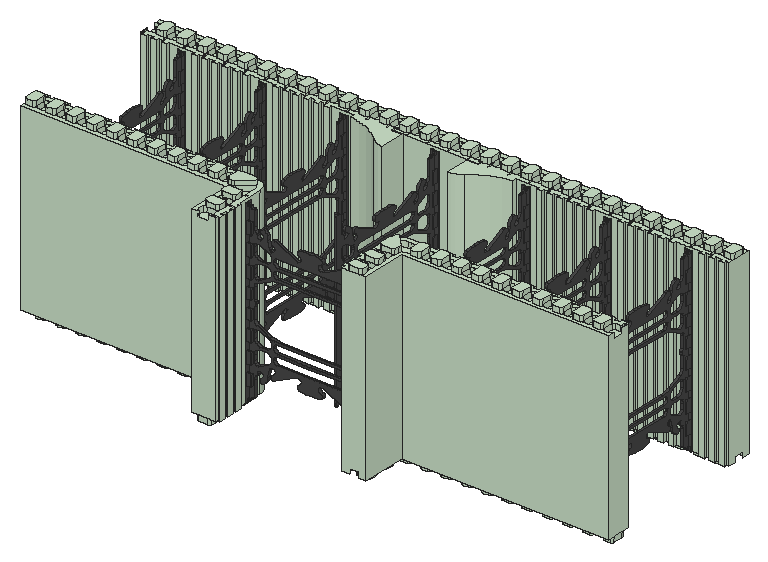
Revit family
Reference planes
  plane 1 "Center (Front/Back)": y = 0
  plane 2: z = 0
  plane 3 "Center (Left/Right)": x = 0
Forms (mm)
  Extrusion 1, solid, material "NUDURA Expanded Polystyrene Foam Insulation"
    sketch origin (0.032, -0.022, 0) x (1, 0, 0) y (0, 1, 0)
      loop
        arc (-82.55, -266.7) -> (-91.849, -244.249) -> (-114.3, -234.95) r 31.75
        line (-114.3, -234.95) -> (-184.942, -234.95) -> (-183.358, -228.6) -> (-197.642, -228.6) -> (-196.058, -234.95) -> (-210.342, -234.95) -> (-208.758, -228.6) -> (-223.042, -228.6) -> (-221.458, -234.95) -> (-235.742, -234.95) -> (-234.158, -228.6) -> (-248.442, -228.6) -> (-246.858, -234.95) -> (-261.142, -234.95) -> (-259.558, -228.6) -> (-273.842, -228.6) -> (-272.258, -234.95) -> (-286.558, -234.95) -> (-284.974, -228.6) -> (-299.258, -228.6) -> (-297.674, -234.95) -> (-311.958, -234.95) -> (-310.374, -228.6) -> (-324.658, -228.6) -> (-323.074, -234.95) -> (-388.141, -234.95) -> (-386.558, -228.6) -> (-400.841, -228.6) -> (-399.258, -234.95) -> (-413.541, -234.95) -> (-411.958, -228.6) -> (-426.241, -228.6) -> (-424.658, -234.95) -> (-438.941, -234.95) -> (-437.358, -228.6) -> (-451.641, -228.6) -> (-450.058, -234.95) -> (-464.358, -234.95) -> (-462.774, -228.6) -> (-477.058, -228.6) -> (-475.474, -234.95) -> (-489.758, -234.95) -> (-488.174, -228.6) -> (-502.458, -228.6) -> (-500.874, -234.95) -> (-515.158, -234.95) -> (-513.574, -228.6) -> (-527.858, -228.6) -> (-526.274, -234.95) -> (-591.341, -234.95) -> (-589.758, -228.6) -> (-604.041, -228.6) -> (-602.458, -234.95) -> (-616.741, -234.95) -> (-615.158, -228.6) -> (-629.441, -228.6) -> (-627.858, -234.95) -> (-642.141, -234.95) -> (-640.558, -228.6) -> (-654.841, -228.6) -> (-653.258, -234.95) -> (-660.4, -234.95) -> (-660.4, -295.21) -> (-142.875, -295.21) -> (-142.875, -406.335) -> (-82.55, -406.335) -> (-82.55, -399.258) -> (-76.2, -400.841) -> (-76.2, -386.558) -> (-82.55, -388.141) -> (-82.55, -373.858) -> (-76.2, -375.441) -> (-76.2, -361.158) -> (-82.55, -362.741) -> (-82.55, -348.458) -> (-76.2, -350.041) -> (-76.2, -335.758) -> (-82.55, -337.341) -> (-82.55, -266.7)
      loop
        line (279.4, 73.025) -> (279.4, 82.55) -> (337.342, 82.55) -> (335.758, 76.2) -> (350.042, 76.2) -> (348.458, 82.55) -> (362.742, 82.55) -> (361.158, 76.2) -> (375.442, 76.2) -> (373.858, 82.55) -> (388.142, 82.55) -> (386.558, 76.2) -> (400.842, 76.2) -> (399.258, 82.55) -> (413.526, 82.55) -> (411.942, 76.2) -> (426.226, 76.2) -> (424.642, 82.55) -> (438.926, 82.55) -> (437.342, 76.2) -> (451.626, 76.2) -> (450.042, 82.55) -> (464.326, 82.55) -> (462.742, 76.2) -> (477.026, 76.2) -> (475.442, 82.55) -> (540.541, 82.55) -> (538.958, 76.2) -> (553.241, 76.2) -> (551.658, 82.55) -> (565.941, 82.55) -> (564.358, 76.2) -> (578.641, 76.2) -> (577.058, 82.55) -> (591.341, 82.55) -> (589.758, 76.2) -> (604.041, 76.2) -> (602.458, 82.55) -> (616.725, 82.55) -> (615.142, 76.2) -> (629.425, 76.2) -> (627.842, 82.55) -> (642.125, 82.55) -> (640.542, 76.2) -> (654.825, 76.2) -> (653.242, 82.55) -> (667.525, 82.55) -> (665.942, 76.2) -> (680.225, 76.2) -> (678.642, 82.55) -> (743.741, 82.55) -> (742.158, 76.2) -> (756.441, 76.2) -> (754.858, 82.55) -> (769.141, 82.55) -> (767.558, 76.2) -> (781.841, 76.2) -> (780.258, 82.55) -> (794.541, 82.55) -> (792.958, 76.2) -> (807.241, 76.2) -> (805.658, 82.55) -> (812.8, 82.55) -> (812.8, 142.939) -> (184.15, 142.939) -> (184.15, 131.479) -> (177.8, 133.18) -> (177.8, 117.763) -> (184.15, 119.346) -> (184.15, 106.079) -> (177.8, 107.78) -> (177.8, 92.363) -> (184.15, 93.946) -> (184.15, 82.55) -> (157.958, 82.55) -> (157.958, 19.091)
        arc (157.958, 19.091) -> (175.589, 23.014) -> (190.733, 32.857) r 50.8
        arc (190.733, 32.857) -> (231.725, 60.317) -> (279.4, 73.025) r 150.316
      loop
        line (-5.558, 19.091) -> (-5.558, 82.55) -> (-31.75, 82.55) -> (-31.75, 93.946) -> (-25.4, 92.363) -> (-25.4, 107.78) -> (-31.75, 106.079) -> (-31.75, 119.346) -> (-25.4, 117.763) -> (-25.4, 133.18) -> (-31.75, 131.479) -> (-31.75, 142.939) -> (-660.4, 142.939) -> (-660.4, 82.55) -> (-653.258, 82.55) -> (-654.841, 76.2) -> (-640.558, 76.2) -> (-642.141, 82.55) -> (-627.858, 82.55) -> (-629.441, 76.2) -> (-615.158, 76.2) -> (-616.741, 82.55) -> (-602.458, 82.55) -> (-604.041, 76.2) -> (-589.758, 76.2) -> (-591.341, 82.55) -> (-526.242, 82.55) -> (-527.825, 76.2) -> (-513.542, 76.2) -> (-515.125, 82.55) -> (-500.842, 82.55) -> (-502.425, 76.2) -> (-488.142, 76.2) -> (-489.725, 82.55) -> (-475.442, 82.55) -> (-477.025, 76.2) -> (-462.742, 76.2) -> (-464.325, 82.55) -> (-450.058, 82.55) -> (-451.641, 76.2) -> (-437.358, 76.2) -> (-438.941, 82.55) -> (-424.658, 82.55) -> (-426.241, 76.2) -> (-411.958, 76.2) -> (-413.541, 82.55) -> (-399.258, 82.55) -> (-400.841, 76.2) -> (-386.558, 76.2) -> (-388.141, 82.55) -> (-323.042, 82.55) -> (-324.626, 76.2) -> (-310.342, 76.2) -> (-311.926, 82.55) -> (-297.642, 82.55) -> (-299.226, 76.2) -> (-284.942, 76.2) -> (-286.526, 82.55) -> (-272.242, 82.55) -> (-273.826, 76.2) -> (-259.542, 76.2) -> (-261.126, 82.55) -> (-246.858, 82.55) -> (-248.442, 76.2) -> (-234.158, 76.2) -> (-235.742, 82.55) -> (-221.458, 82.55) -> (-223.042, 76.2) -> (-208.758, 76.2) -> (-210.342, 82.55) -> (-196.058, 82.55) -> (-197.642, 76.2) -> (-183.358, 76.2) -> (-184.942, 82.55) -> (-127, 82.55) -> (-127, 73.025)
        arc (-127, 73.025) -> (-79.325, 60.317) -> (-38.333, 32.857) r 150.316
        arc (-38.333, 32.857) -> (-23.189, 23.014) -> (-5.558, 19.091) r 50.8
      loop
        line (234.95, -266.7) -> (234.95, -337.341) -> (228.6, -335.758) -> (228.6, -350.041) -> (234.95, -348.458) -> (234.95, -362.741) -> (228.6, -361.158) -> (228.6, -375.441) -> (234.95, -373.858) -> (234.95, -388.141) -> (228.6, -386.558) -> (228.6, -400.841) -> (234.95, -399.258) -> (234.95, -406.4) -> (295.275, -406.4) -> (295.275, -295.21) -> (812.8, -295.21) -> (812.8, -234.95) -> (805.658, -234.95) -> (807.241, -228.6) -> (792.958, -228.6) -> (794.541, -234.95) -> (780.258, -234.95) -> (781.841, -228.6) -> (767.558, -228.6) -> (769.141, -234.95) -> (754.858, -234.95) -> (756.441, -228.6) -> (742.158, -228.6) -> (743.741, -234.95) -> (678.674, -234.95) -> (680.258, -228.6) -> (665.974, -228.6) -> (667.558, -234.95) -> (653.274, -234.95) -> (654.858, -228.6) -> (640.574, -228.6) -> (642.158, -234.95) -> (627.874, -234.95) -> (629.458, -228.6) -> (615.174, -228.6) -> (616.758, -234.95) -> (602.458, -234.95) -> (604.041, -228.6) -> (589.758, -228.6) -> (591.341, -234.95) -> (577.058, -234.95) -> (578.641, -228.6) -> (564.358, -228.6) -> (565.941, -234.95) -> (551.658, -234.95) -> (553.241, -228.6) -> (538.958, -228.6) -> (540.541, -234.95) -> (475.474, -234.95) -> (477.058, -228.6) -> (462.774, -228.6) -> (464.358, -234.95) -> (450.074, -234.95) -> (451.658, -228.6) -> (437.374, -228.6) -> (438.958, -234.95) -> (424.674, -234.95) -> (426.258, -228.6) -> (411.974, -228.6) -> (413.558, -234.95) -> (399.258, -234.95) -> (400.842, -228.6) -> (386.558, -228.6) -> (388.142, -234.95) -> (373.858, -234.95) -> (375.442, -228.6) -> (361.158, -228.6) -> (362.742, -234.95) -> (348.458, -234.95) -> (350.042, -228.6) -> (335.758, -228.6) -> (337.342, -234.95) -> (266.7, -234.95)
        arc (266.7, -234.95) -> (244.249, -244.249) -> (234.95, -266.7) r 31.75
    from 0 to 457.2
  Extrusion 2, void
    sketch origin (0.032, 253.978, 0) x (1, 0, 0) y (0, 1, 0)
      loop
        arc (-130.453, -639.396) -> (-131.763, -647.7) -> (-130.453, -656.003) r 26.987
        arc (-130.453, -656.003) -> (-128.504, -658.905) -> (-125.314, -660.335) r 6.35
        line (-125.314, -660.335) -> (-100.111, -660.335)
        arc (-100.111, -660.335) -> (-98.281, -659.781) -> (-96.698, -658.708) r 6.35
        arc (-96.698, -658.708) -> (-96.199, -658.394) -> (-95.62, -658.285) r 1.588
        line (-95.62, -658.285) -> (-86.829, -658.285) -> (-86.829, -653.946) -> (-92.457, -653.946)
        arc (-92.457, -653.946) -> (-93.668, -653.385) -> (-94.024, -652.1) r 1.588
        arc (-94.024, -652.1) -> (-93.737, -645.691) -> (-94.972, -639.396) r 26.988
        arc (-94.972, -639.396) -> (-97.278, -636.215) -> (-101.014, -635) r 6.35
        line (-101.014, -635) -> (-124.411, -635)
        arc (-124.411, -635) -> (-128.147, -636.215) -> (-130.453, -639.396) r 6.35
    from 457.2 to 444.5
  Extrusion 3, void
    sketch origin (0.032, 304.778, 0) x (1, 0, 0) y (0, 1, 0)
      loop
        arc (-130.453, -639.396) -> (-131.763, -647.7) -> (-130.453, -656.003) r 26.987
        arc (-130.453, -656.003) -> (-128.147, -659.184) -> (-124.411, -660.4) r 6.35
        line (-124.411, -660.4) -> (-101.014, -660.4)
        arc (-101.014, -660.4) -> (-98.696, -659.961) -> (-96.698, -658.708) r 6.35
        arc (-96.698, -658.708) -> (-96.199, -658.394) -> (-95.62, -658.285) r 1.588
        line (-95.62, -658.285) -> (-86.829, -658.285) -> (-86.829, -653.946) -> (-92.457, -653.946)
        arc (-92.457, -653.946) -> (-93.668, -653.385) -> (-94.024, -652.1) r 1.588
        arc (-94.024, -652.1) -> (-93.737, -645.691) -> (-94.972, -639.396) r 26.988
        arc (-94.972, -639.396) -> (-97.278, -636.215) -> (-101.014, -635) r 6.35
        line (-101.014, -635) -> (-124.411, -635)
        arc (-124.411, -635) -> (-128.147, -636.215) -> (-130.453, -639.396) r 6.35
    from 457.2 to 444.5
  Extrusion 4, void
    sketch origin (0.032, -152.422, 0) x (1, 0, 0) y (0, 1, 0)
      loop
        line (-131.763, -131.762) -> (-131.763, -139.7)
        arc (-131.763, -139.7) -> (-131.433, -143.903) -> (-130.453, -148.003) r 26.987
        arc (-130.453, -148.003) -> (-128.147, -151.184) -> (-124.411, -152.4) r 6.35
        line (-124.411, -152.4) -> (-101.014, -152.4)
        arc (-101.014, -152.4) -> (-98.696, -151.961) -> (-96.698, -150.708) r 6.35
        arc (-96.698, -150.708) -> (-96.199, -150.394) -> (-95.62, -150.285) r 1.588
        line (-95.62, -150.285) -> (-86.829, -150.285) -> (-86.829, -145.946) -> (-92.457, -145.946)
        arc (-92.457, -145.946) -> (-93.668, -145.385) -> (-94.024, -144.1) r 1.588
        arc (-94.024, -144.1) -> (-93.753, -141.907) -> (-93.663, -139.7) r 26.987
        line (-93.663, -139.7) -> (-93.663, -119.062)
        arc (-93.663, -119.062) -> (-95.596, -109.342) -> (-101.102, -101.102) r 25.4
        line (-101.102, -101.102) -> (-131.763, -131.762)
    from 457.2 to 444.5
  Extrusion 5, void
    sketch origin (-812.768, -152.422, 0) x (0, 1, 0) y (-1, 0, 0)
      loop
        arc (-130.453, -639.396) -> (-131.763, -647.7) -> (-130.453, -656.003) r 26.987
        arc (-130.453, -656.003) -> (-128.147, -659.184) -> (-124.411, -660.4) r 6.35
        line (-124.411, -660.4) -> (-101.014, -660.4)
        arc (-101.014, -660.4) -> (-98.696, -659.961) -> (-96.698, -658.708) r 6.35
        arc (-96.698, -658.708) -> (-96.199, -658.394) -> (-95.62, -658.285) r 1.588
        line (-95.62, -658.285) -> (-86.829, -658.285) -> (-86.829, -653.946) -> (-92.457, -653.946)
        arc (-92.457, -653.946) -> (-93.668, -653.385) -> (-94.024, -652.1) r 1.588
        arc (-94.024, -652.1) -> (-93.737, -645.691) -> (-94.972, -639.396) r 26.988
        arc (-94.972, -639.396) -> (-97.278, -636.215) -> (-101.014, -635) r 6.35
        line (-101.014, -635) -> (-124.411, -635)
        arc (-124.411, -635) -> (-128.147, -636.215) -> (-130.453, -639.396) r 6.35
    from 457.2 to 444.5
  Extrusion 6, void
    sketch origin (-863.568, -152.422, 0) x (0, 1, 0) y (-1, 0, 0)
      loop
        arc (-130.453, -639.396) -> (-131.763, -647.7) -> (-130.453, -656.003) r 26.987
        arc (-130.453, -656.003) -> (-128.147, -659.184) -> (-124.411, -660.4) r 6.35
        line (-124.411, -660.4) -> (-101.014, -660.4)
        arc (-101.014, -660.4) -> (-98.696, -659.961) -> (-96.698, -658.708) r 6.35
        arc (-96.698, -658.708) -> (-96.199, -658.394) -> (-95.62, -658.285) r 1.588
        line (-95.62, -658.285) -> (-86.829, -658.285) -> (-86.829, -653.946) -> (-92.457, -653.946)
        arc (-92.457, -653.946) -> (-93.668, -653.385) -> (-94.024, -652.1) r 1.588
        arc (-94.024, -652.1) -> (-93.737, -645.691) -> (-94.972, -639.396) r 26.988
        arc (-94.972, -639.396) -> (-97.278, -636.215) -> (-101.014, -635) r 6.35
        line (-101.014, -635) -> (-124.411, -635)
        arc (-124.411, -635) -> (-128.147, -636.215) -> (-130.453, -639.396) r 6.35
    from 457.2 to 444.5
  Extrusion 7, void
    sketch origin (0.032, -1016.021, 0) x (1, 0, 0) y (0, 1, 0)
      loop
        arc (-130.453, 639.396) -> (-128.147, 636.215) -> (-124.411, 635) r 6.35
        line (-124.411, 635) -> (-101.014, 635)
        arc (-101.014, 635) -> (-97.278, 636.215) -> (-94.972, 639.396) r 6.35
        arc (-94.972, 639.396) -> (-93.737, 645.691) -> (-94.024, 652.1) r 26.988
        arc (-94.024, 652.1) -> (-93.668, 653.385) -> (-92.457, 653.946) r 1.588
        line (-92.457, 653.946) -> (-86.829, 653.946) -> (-86.829, 658.285) -> (-95.62, 658.285)
        arc (-95.62, 658.285) -> (-96.199, 658.394) -> (-96.698, 658.708) r 1.588
        arc (-96.698, 658.708) -> (-98.696, 659.961) -> (-101.014, 660.4) r 6.35
        line (-101.014, 660.4) -> (-124.411, 660.4)
        arc (-124.411, 660.4) -> (-128.147, 659.184) -> (-130.453, 656.003) r 6.35
        arc (-130.453, 656.003) -> (-131.763, 647.7) -> (-130.453, 639.396) r 26.987
    from 0 to 12.7
  Extrusion 8, void
    sketch origin (0.032, -965.221, 0) x (1, 0, 0) y (0, 1, 0)
      loop
        arc (-130.453, 639.396) -> (-128.147, 636.215) -> (-124.411, 635) r 6.35
        line (-124.411, 635) -> (-101.014, 635)
        arc (-101.014, 635) -> (-97.278, 636.215) -> (-94.972, 639.396) r 6.35
        arc (-94.972, 639.396) -> (-93.737, 645.691) -> (-94.024, 652.1) r 26.988
        arc (-94.024, 652.1) -> (-93.668, 653.385) -> (-92.457, 653.946) r 1.588
        line (-92.457, 653.946) -> (-86.829, 653.946) -> (-86.829, 658.285) -> (-95.62, 658.285)
        arc (-95.62, 658.285) -> (-96.199, 658.394) -> (-96.698, 658.708) r 1.588
        arc (-96.698, 658.708) -> (-98.696, 659.961) -> (-101.014, 660.4) r 6.35
        line (-101.014, 660.4) -> (-124.411, 660.4)
        arc (-124.411, 660.4) -> (-128.147, 659.184) -> (-130.453, 656.003) r 6.35
        arc (-130.453, 656.003) -> (-131.763, 647.7) -> (-130.453, 639.396) r 26.987
    from 0 to 12.7
  Extrusion 9, void
    sketch origin (0.031, -152.422, 0) x (0, 1, 0) y (-1, 0, 0)
      loop
        line (-131.763, 131.762) -> (-101.102, 101.102)
        arc (-101.102, 101.102) -> (-95.596, 109.342) -> (-93.663, 119.062) r 25.4
        line (-93.663, 119.062) -> (-93.663, 139.7)
        arc (-93.663, 139.7) -> (-93.753, 141.907) -> (-94.024, 144.1) r 26.987
        arc (-94.024, 144.1) -> (-93.668, 145.385) -> (-92.457, 145.946) r 1.588
        line (-92.457, 145.946) -> (-86.829, 145.946) -> (-86.829, 150.285) -> (-95.62, 150.285)
        arc (-95.62, 150.285) -> (-96.199, 150.394) -> (-96.698, 150.708) r 1.588
        arc (-96.698, 150.708) -> (-98.696, 151.961) -> (-101.014, 152.4) r 6.35
        line (-101.014, 152.4) -> (-124.411, 152.4)
        arc (-124.411, 152.4) -> (-128.147, 151.184) -> (-130.453, 148.003) r 6.35
        arc (-130.453, 148.003) -> (-131.433, 143.903) -> (-131.763, 139.7) r 26.987
        line (-131.763, 139.7) -> (-131.763, 131.762)
    from 0 to 12.7
  Extrusion 10, void
    sketch origin (457.231, -152.422, 0) x (0, 1, 0) y (-1, 0, 0)
      loop
        arc (-130.453, 639.396) -> (-128.147, 636.215) -> (-124.411, 635) r 6.35
        line (-124.411, 635) -> (-101.014, 635)
        arc (-101.014, 635) -> (-97.278, 636.215) -> (-94.972, 639.396) r 6.35
        arc (-94.972, 639.396) -> (-93.737, 645.691) -> (-94.024, 652.1) r 26.988
        arc (-94.024, 652.1) -> (-93.668, 653.385) -> (-92.457, 653.946) r 1.588
        line (-92.457, 653.946) -> (-86.829, 653.946) -> (-86.829, 658.285) -> (-95.62, 658.285)
        arc (-95.62, 658.285) -> (-96.199, 658.394) -> (-96.698, 658.708) r 1.588
        arc (-96.698, 658.708) -> (-98.696, 659.961) -> (-101.014, 660.4) r 6.35
        line (-101.014, 660.4) -> (-124.411, 660.4)
        arc (-124.411, 660.4) -> (-128.147, 659.184) -> (-130.453, 656.003) r 6.35
        arc (-130.453, 656.003) -> (-131.763, 647.7) -> (-130.453, 639.396) r 26.987
    from 0 to 12.7
  Extrusion 11, void
    sketch origin (406.431, -152.422, 0) x (0, 1, 0) y (-1, 0, 0)
      loop
        arc (-130.453, 639.396) -> (-128.147, 636.215) -> (-124.411, 635) r 6.35
        line (-124.411, 635) -> (-101.014, 635)
        arc (-101.014, 635) -> (-97.278, 636.215) -> (-94.972, 639.396) r 6.35
        arc (-94.972, 639.396) -> (-93.737, 645.691) -> (-94.024, 652.1) r 26.988
        arc (-94.024, 652.1) -> (-93.668, 653.385) -> (-92.457, 653.946) r 1.588
        line (-92.457, 653.946) -> (-86.829, 653.946) -> (-86.829, 658.285) -> (-95.62, 658.285)
        arc (-95.62, 658.285) -> (-96.199, 658.394) -> (-96.698, 658.708) r 1.588
        arc (-96.698, 658.708) -> (-98.696, 659.961) -> (-101.014, 660.4) r 6.35
        line (-101.014, 660.4) -> (-124.411, 660.4)
        arc (-124.411, 660.4) -> (-128.147, 659.184) -> (-130.453, 656.003) r 6.35
        arc (-130.453, 656.003) -> (-131.763, 647.7) -> (-130.453, 639.396) r 26.987
    from 0 to 12.7
  Extrusion 12, void
    sketch origin (152.432, -1016.021, 0) x (-1, 0, 0) y (0, -1, 0)
      loop
        arc (-130.453, -639.396) -> (-131.763, -647.7) -> (-130.453, -656.003) r 26.987
        arc (-130.453, -656.003) -> (-128.147, -659.184) -> (-124.411, -660.4) r 6.35
        line (-124.411, -660.4) -> (-101.014, -660.4)
        arc (-101.014, -660.4) -> (-98.696, -659.961) -> (-96.698, -658.708) r 6.35
        arc (-96.698, -658.708) -> (-96.199, -658.394) -> (-95.62, -658.285) r 1.588
        line (-95.62, -658.285) -> (-86.829, -658.285) -> (-86.829, -653.946) -> (-92.457, -653.946)
        arc (-92.457, -653.946) -> (-93.668, -653.385) -> (-94.024, -652.1) r 1.588
        arc (-94.024, -652.1) -> (-93.737, -645.691) -> (-94.972, -639.396) r 26.988
        arc (-94.972, -639.396) -> (-97.278, -636.215) -> (-101.014, -635) r 6.35
        line (-101.014, -635) -> (-124.411, -635)
        arc (-124.411, -635) -> (-128.147, -636.215) -> (-130.453, -639.396) r 6.35
    from 457.2 to 444.5
  Extrusion 13, void
    sketch origin (152.432, -965.221, 0) x (-1, 0, 0) y (0, -1, 0)
      loop
        arc (-130.453, -639.396) -> (-131.763, -647.7) -> (-130.453, -656.003) r 26.987
        arc (-130.453, -656.003) -> (-128.147, -659.184) -> (-124.411, -660.4) r 6.35
        line (-124.411, -660.4) -> (-101.014, -660.4)
        arc (-101.014, -660.4) -> (-98.696, -659.961) -> (-96.698, -658.708) r 6.35
        arc (-96.698, -658.708) -> (-96.199, -658.394) -> (-95.62, -658.285) r 1.588
        line (-95.62, -658.285) -> (-86.829, -658.285) -> (-86.829, -653.946) -> (-92.457, -653.946)
        arc (-92.457, -653.946) -> (-93.668, -653.385) -> (-94.024, -652.1) r 1.588
        arc (-94.024, -652.1) -> (-93.737, -645.691) -> (-94.972, -639.396) r 26.988
        arc (-94.972, -639.396) -> (-97.278, -636.215) -> (-101.014, -635) r 6.35
        line (-101.014, -635) -> (-124.411, -635)
        arc (-124.411, -635) -> (-128.147, -636.215) -> (-130.453, -639.396) r 6.35
    from 457.2 to 444.5
  Extrusion 14, void
    sketch origin (-304.768, -152.422, 0) x (0, 1, 0) y (-1, 0, 0)
      loop
        arc (-130.453, -639.396) -> (-131.763, -647.7) -> (-130.453, -656.003) r 26.987
        arc (-130.453, -656.003) -> (-128.147, -659.184) -> (-124.411, -660.4) r 6.35
        line (-124.411, -660.4) -> (-101.014, -660.4)
        arc (-101.014, -660.4) -> (-98.696, -659.961) -> (-96.698, -658.708) r 6.35
        arc (-96.698, -658.708) -> (-96.199, -658.394) -> (-95.62, -658.285) r 1.588
        line (-95.62, -658.285) -> (-86.829, -658.285) -> (-86.829, -653.946) -> (-92.457, -653.946)
        arc (-92.457, -653.946) -> (-93.668, -653.385) -> (-94.024, -652.1) r 1.588
        arc (-94.024, -652.1) -> (-93.737, -645.691) -> (-94.972, -639.396) r 26.988
        arc (-94.972, -639.396) -> (-97.278, -636.215) -> (-101.014, -635) r 6.35
        line (-101.014, -635) -> (-124.411, -635)
        arc (-124.411, -635) -> (-128.147, -636.215) -> (-130.453, -639.396) r 6.35
    from 457.2 to 444.5
  Extrusion 15, void
    sketch origin (-253.968, -152.422, 0) x (0, 1, 0) y (-1, 0, 0)
      loop
        arc (-130.453, -639.396) -> (-131.763, -647.7) -> (-130.453, -656.003) r 26.987
        arc (-130.453, -656.003) -> (-128.147, -659.184) -> (-124.411, -660.4) r 6.35
        line (-124.411, -660.4) -> (-101.014, -660.4)
        arc (-101.014, -660.4) -> (-98.696, -659.961) -> (-96.698, -658.708) r 6.35
        arc (-96.698, -658.708) -> (-96.199, -658.394) -> (-95.62, -658.285) r 1.588
        line (-95.62, -658.285) -> (-86.829, -658.285) -> (-86.829, -653.946) -> (-92.457, -653.946)
        arc (-92.457, -653.946) -> (-93.668, -653.385) -> (-94.024, -652.1) r 1.588
        arc (-94.024, -652.1) -> (-93.737, -645.691) -> (-94.972, -639.396) r 26.988
        arc (-94.972, -639.396) -> (-97.278, -636.215) -> (-101.014, -635) r 6.35
        line (-101.014, -635) -> (-124.411, -635)
        arc (-124.411, -635) -> (-128.147, -636.215) -> (-130.453, -639.396) r 6.35
    from 457.2 to 444.5
  Extrusion 16, void
    sketch origin (152.432, -152.422, 0) x (1, 0, 0) y (0, 1, 0)
      loop
        arc (144.1, -94.023) -> (141.907, -93.752) -> (139.7, -93.662) r 26.987
        line (139.7, -93.662) -> (119.063, -93.662)
        arc (119.063, -93.662) -> (109.342, -95.595) -> (101.102, -101.102) r 25.4
        line (101.102, -101.102) -> (131.763, -131.762) -> (139.7, -131.762)
        arc (139.7, -131.762) -> (143.903, -131.433) -> (148.004, -130.453) r 26.988
        arc (148.004, -130.453) -> (151.185, -128.147) -> (152.4, -124.411) r 6.35
        line (152.4, -124.411) -> (152.4, -101.013)
        arc (152.4, -101.013) -> (151.962, -98.696) -> (150.708, -96.698) r 6.35
        arc (150.708, -96.698) -> (150.395, -96.198) -> (150.285, -95.619) r 1.587
        line (150.285, -95.619) -> (150.285, -86.828) -> (145.946, -86.828) -> (145.946, -92.457)
        arc (145.946, -92.457) -> (145.386, -93.667) -> (144.1, -94.023) r 1.588
    from 457.2 to 444.5
  Extrusion 17, void
    sketch origin (152.432, 253.978, 0) x (-1, 0, 0) y (0, -1, 0)
      loop
        arc (-130.453, 639.396) -> (-128.147, 636.215) -> (-124.411, 635) r 6.35
        line (-124.411, 635) -> (-101.014, 635)
        arc (-101.014, 635) -> (-97.278, 636.215) -> (-94.972, 639.396) r 6.35
        arc (-94.972, 639.396) -> (-93.737, 645.691) -> (-94.024, 652.1) r 26.988
        arc (-94.024, 652.1) -> (-93.668, 653.385) -> (-92.457, 653.946) r 1.588
        line (-92.457, 653.946) -> (-86.829, 653.946) -> (-86.829, 658.285) -> (-95.62, 658.285)
        arc (-95.62, 658.285) -> (-96.199, 658.394) -> (-96.698, 658.708) r 1.588
        arc (-96.698, 658.708) -> (-98.696, 659.961) -> (-101.014, 660.4) r 6.35
        line (-101.014, 660.4) -> (-124.411, 660.4)
        arc (-124.411, 660.4) -> (-128.147, 659.184) -> (-130.453, 656.003) r 6.35
        arc (-130.453, 656.003) -> (-131.763, 647.7) -> (-130.453, 639.396) r 26.987
    from 0 to 12.7
  Extrusion 18, void
    sketch origin (152.432, 304.778, 0) x (-1, 0, 0) y (0, -1, 0)
      loop
        arc (-130.453, 639.396) -> (-128.147, 636.215) -> (-124.411, 635) r 6.35
        line (-124.411, 635) -> (-101.014, 635)
        arc (-101.014, 635) -> (-97.278, 636.215) -> (-94.972, 639.396) r 6.35
        arc (-94.972, 639.396) -> (-93.737, 645.691) -> (-94.024, 652.1) r 26.988
        arc (-94.024, 652.1) -> (-93.668, 653.385) -> (-92.457, 653.946) r 1.588
        line (-92.457, 653.946) -> (-86.829, 653.946) -> (-86.829, 658.285) -> (-95.62, 658.285)
        arc (-95.62, 658.285) -> (-96.199, 658.394) -> (-96.698, 658.708) r 1.588
        arc (-96.698, 658.708) -> (-98.696, 659.961) -> (-101.014, 660.4) r 6.35
        line (-101.014, 660.4) -> (-124.411, 660.4)
        arc (-124.411, 660.4) -> (-128.147, 659.184) -> (-130.453, 656.003) r 6.35
        arc (-130.453, 656.003) -> (-131.763, 647.7) -> (-130.453, 639.396) r 26.987
    from 0 to 12.7
  Extrusion 19, void
    sketch origin (152.432, -152.422, 0) x (0, -1, 0) y (1, 0, 0)
      loop
        arc (144.1, 94.023) -> (145.386, 93.667) -> (145.946, 92.457) r 1.588
        line (145.946, 92.457) -> (145.946, 86.828) -> (150.285, 86.828) -> (150.285, 95.619)
        arc (150.285, 95.619) -> (150.395, 96.198) -> (150.708, 96.698) r 1.587
        arc (150.708, 96.698) -> (151.962, 98.696) -> (152.4, 101.013) r 6.35
        line (152.4, 101.013) -> (152.4, 124.411)
        arc (152.4, 124.411) -> (151.185, 128.147) -> (148.004, 130.453) r 6.35
        arc (148.004, 130.453) -> (143.903, 131.433) -> (139.7, 131.762) r 26.988
        line (139.7, 131.762) -> (131.763, 131.762) -> (101.102, 101.102)
        arc (101.102, 101.102) -> (109.342, 95.595) -> (119.063, 93.662) r 25.4
        line (119.063, 93.662) -> (139.7, 93.662)
        arc (139.7, 93.662) -> (141.907, 93.752) -> (144.1, 94.023) r 26.987
    from 0 to 12.7
  Extrusion 20, void
    sketch origin (965.231, -152.422, 0) x (0, 1, 0) y (-1, 0, 0)
      loop
        arc (-130.453, 639.396) -> (-128.147, 636.215) -> (-124.411, 635) r 6.35
        line (-124.411, 635) -> (-101.014, 635)
        arc (-101.014, 635) -> (-97.278, 636.215) -> (-94.972, 639.396) r 6.35
        arc (-94.972, 639.396) -> (-93.737, 645.691) -> (-94.024, 652.1) r 26.988
        arc (-94.024, 652.1) -> (-93.668, 653.385) -> (-92.457, 653.946) r 1.588
        line (-92.457, 653.946) -> (-86.829, 653.946) -> (-86.829, 658.285) -> (-95.62, 658.285)
        arc (-95.62, 658.285) -> (-96.199, 658.394) -> (-96.698, 658.708) r 1.588
        arc (-96.698, 658.708) -> (-98.696, 659.961) -> (-101.014, 660.4) r 6.35
        line (-101.014, 660.4) -> (-124.411, 660.4)
        arc (-124.411, 660.4) -> (-128.147, 659.184) -> (-130.453, 656.003) r 6.35
        arc (-130.453, 656.003) -> (-131.763, 647.7) -> (-130.453, 639.396) r 26.987
    from 0 to 12.7
  Extrusion 21, void
    sketch origin (1016.031, -152.422, 0) x (0, 1, 0) y (-1, 0, 0)
      loop
        arc (-130.453, 639.396) -> (-128.147, 636.215) -> (-124.411, 635) r 6.35
        line (-124.411, 635) -> (-101.014, 635)
        arc (-101.014, 635) -> (-97.278, 636.215) -> (-94.972, 639.396) r 6.35
        arc (-94.972, 639.396) -> (-93.737, 645.691) -> (-94.024, 652.1) r 26.988
        arc (-94.024, 652.1) -> (-93.668, 653.385) -> (-92.457, 653.946) r 1.588
        line (-92.457, 653.946) -> (-86.829, 653.946) -> (-86.829, 658.285) -> (-95.62, 658.285)
        arc (-95.62, 658.285) -> (-96.199, 658.394) -> (-96.698, 658.708) r 1.588
        arc (-96.698, 658.708) -> (-98.696, 659.961) -> (-101.014, 660.4) r 6.35
        line (-101.014, 660.4) -> (-124.411, 660.4)
        arc (-124.411, 660.4) -> (-128.147, 659.184) -> (-130.453, 656.003) r 6.35
        arc (-130.453, 656.003) -> (-131.763, 647.7) -> (-130.453, 639.396) r 26.987
    from 0 to 12.7
  Extrusion 22, void
    sketch origin (406.431, -0.023, 0) x (0, -1, 0) y (1, 0, 0)
      loop
        arc (-130.453, -639.396) -> (-131.763, -647.7) -> (-130.453, -656.003) r 26.987
        arc (-130.453, -656.003) -> (-128.147, -659.184) -> (-124.411, -660.4) r 6.35
        line (-124.411, -660.4) -> (-101.014, -660.4)
        arc (-101.014, -660.4) -> (-98.696, -659.961) -> (-96.698, -658.708) r 6.35
        arc (-96.698, -658.708) -> (-96.199, -658.394) -> (-95.62, -658.285) r 1.588
        line (-95.62, -658.285) -> (-86.829, -658.285) -> (-86.829, -653.946) -> (-92.457, -653.946)
        arc (-92.457, -653.946) -> (-93.668, -653.385) -> (-94.024, -652.1) r 1.588
        arc (-94.024, -652.1) -> (-93.737, -645.691) -> (-94.972, -639.396) r 26.988
        arc (-94.972, -639.396) -> (-97.278, -636.215) -> (-101.014, -635) r 6.35
        line (-101.014, -635) -> (-124.411, -635)
        arc (-124.411, -635) -> (-128.147, -636.215) -> (-130.453, -639.396) r 6.35
    from 457.2 to 444.5
  Extrusion 23, void
    sketch origin (457.231, -0.023, 0) x (0, -1, 0) y (1, 0, 0)
      loop
        arc (-130.453, -639.396) -> (-131.763, -647.7) -> (-130.453, -656.003) r 26.987
        arc (-130.453, -656.003) -> (-128.147, -659.184) -> (-124.411, -660.4) r 6.35
        line (-124.411, -660.4) -> (-101.014, -660.4)
        arc (-101.014, -660.4) -> (-98.696, -659.961) -> (-96.698, -658.708) r 6.35
        arc (-96.698, -658.708) -> (-96.199, -658.394) -> (-95.62, -658.285) r 1.588
        line (-95.62, -658.285) -> (-86.829, -658.285) -> (-86.829, -653.946) -> (-92.457, -653.946)
        arc (-92.457, -653.946) -> (-93.668, -653.385) -> (-94.024, -652.1) r 1.588
        arc (-94.024, -652.1) -> (-93.737, -645.691) -> (-94.972, -639.396) r 26.988
        arc (-94.972, -639.396) -> (-97.278, -636.215) -> (-101.014, -635) r 6.35
        line (-101.014, -635) -> (-124.411, -635)
        arc (-124.411, -635) -> (-128.147, -636.215) -> (-130.453, -639.396) r 6.35
    from 457.2 to 444.5
  Extrusion 24, void
    sketch origin (508.031, -0.023, 0) x (0, -1, 0) y (1, 0, 0)
      loop
        arc (-130.453, -639.396) -> (-131.763, -647.7) -> (-130.453, -656.003) r 26.987
        arc (-130.453, -656.003) -> (-128.147, -659.184) -> (-124.411, -660.4) r 6.35
        line (-124.411, -660.4) -> (-101.014, -660.4)
        arc (-101.014, -660.4) -> (-98.696, -659.961) -> (-96.698, -658.708) r 6.35
        arc (-96.698, -658.708) -> (-96.199, -658.394) -> (-95.62, -658.285) r 1.588
        line (-95.62, -658.285) -> (-86.829, -658.285) -> (-86.829, -653.946) -> (-92.457, -653.946)
        arc (-92.457, -653.946) -> (-93.668, -653.385) -> (-94.024, -652.1) r 1.588
        arc (-94.024, -652.1) -> (-93.737, -645.691) -> (-94.972, -639.396) r 26.988
        arc (-94.972, -639.396) -> (-97.278, -636.215) -> (-101.014, -635) r 6.35
        line (-101.014, -635) -> (-124.411, -635)
        arc (-124.411, -635) -> (-128.147, -636.215) -> (-130.453, -639.396) r 6.35
    from 457.2 to 444.5
  Extrusion 25, void
    sketch origin (558.831, -0.023, 0) x (0, -1, 0) y (1, 0, 0)
      loop
        arc (-130.453, -639.396) -> (-131.763, -647.7) -> (-130.453, -656.003) r 26.987
        arc (-130.453, -656.003) -> (-128.147, -659.184) -> (-124.411, -660.4) r 6.35
        line (-124.411, -660.4) -> (-101.014, -660.4)
        arc (-101.014, -660.4) -> (-98.696, -659.961) -> (-96.698, -658.708) r 6.35
        arc (-96.698, -658.708) -> (-96.199, -658.394) -> (-95.62, -658.285) r 1.588
        line (-95.62, -658.285) -> (-86.829, -658.285) -> (-86.829, -653.946) -> (-92.457, -653.946)
        arc (-92.457, -653.946) -> (-93.668, -653.385) -> (-94.024, -652.1) r 1.588
        arc (-94.024, -652.1) -> (-93.737, -645.691) -> (-94.972, -639.396) r 26.988
        arc (-94.972, -639.396) -> (-97.278, -636.215) -> (-101.014, -635) r 6.35
        line (-101.014, -635) -> (-124.411, -635)
        arc (-124.411, -635) -> (-128.147, -636.215) -> (-130.453, -639.396) r 6.35
    from 457.2 to 444.5
  Extrusion 26, void
    sketch origin (609.631, -0.023, 0) x (0, -1, 0) y (1, 0, 0)
      loop
        arc (-130.453, -639.396) -> (-131.763, -647.7) -> (-130.453, -656.003) r 26.987
        arc (-130.453, -656.003) -> (-128.147, -659.184) -> (-124.411, -660.4) r 6.35
        line (-124.411, -660.4) -> (-101.014, -660.4)
        arc (-101.014, -660.4) -> (-98.696, -659.961) -> (-96.698, -658.708) r 6.35
        arc (-96.698, -658.708) -> (-96.199, -658.394) -> (-95.62, -658.285) r 1.588
        line (-95.62, -658.285) -> (-86.829, -658.285) -> (-86.829, -653.946) -> (-92.457, -653.946)
        arc (-92.457, -653.946) -> (-93.668, -653.385) -> (-94.024, -652.1) r 1.588
        arc (-94.024, -652.1) -> (-93.737, -645.691) -> (-94.972, -639.396) r 26.988
        arc (-94.972, -639.396) -> (-97.278, -636.215) -> (-101.014, -635) r 6.35
        line (-101.014, -635) -> (-124.411, -635)
        arc (-124.411, -635) -> (-128.147, -636.215) -> (-130.453, -639.396) r 6.35
    from 457.2 to 444.5
  Extrusion 27, void
    sketch origin (660.431, -0.023, 0) x (0, -1, 0) y (1, 0, 0)
      loop
        arc (-130.453, -639.396) -> (-131.763, -647.7) -> (-130.453, -656.003) r 26.987
        arc (-130.453, -656.003) -> (-128.147, -659.184) -> (-124.411, -660.4) r 6.35
        line (-124.411, -660.4) -> (-101.014, -660.4)
        arc (-101.014, -660.4) -> (-98.696, -659.961) -> (-96.698, -658.708) r 6.35
        arc (-96.698, -658.708) -> (-96.199, -658.394) -> (-95.62, -658.285) r 1.588
        line (-95.62, -658.285) -> (-86.829, -658.285) -> (-86.829, -653.946) -> (-92.457, -653.946)
        arc (-92.457, -653.946) -> (-93.668, -653.385) -> (-94.024, -652.1) r 1.588
        arc (-94.024, -652.1) -> (-93.737, -645.691) -> (-94.972, -639.396) r 26.988
        arc (-94.972, -639.396) -> (-97.278, -636.215) -> (-101.014, -635) r 6.35
        line (-101.014, -635) -> (-124.411, -635)
        arc (-124.411, -635) -> (-128.147, -636.215) -> (-130.453, -639.396) r 6.35
    from 457.2 to 444.5
  Extrusion 28, void
    sketch origin (711.231, -0.023, 0) x (0, -1, 0) y (1, 0, 0)
      loop
        arc (-130.453, -639.396) -> (-131.763, -647.7) -> (-130.453, -656.003) r 26.987
        arc (-130.453, -656.003) -> (-128.147, -659.184) -> (-124.411, -660.4) r 6.35
        line (-124.411, -660.4) -> (-101.014, -660.4)
        arc (-101.014, -660.4) -> (-98.696, -659.961) -> (-96.698, -658.708) r 6.35
        arc (-96.698, -658.708) -> (-96.199, -658.394) -> (-95.62, -658.285) r 1.588
        line (-95.62, -658.285) -> (-86.829, -658.285) -> (-86.829, -653.946) -> (-92.457, -653.946)
        arc (-92.457, -653.946) -> (-93.668, -653.385) -> (-94.024, -652.1) r 1.588
        arc (-94.024, -652.1) -> (-93.737, -645.691) -> (-94.972, -639.396) r 26.988
        arc (-94.972, -639.396) -> (-97.278, -636.215) -> (-101.014, -635) r 6.35
        line (-101.014, -635) -> (-124.411, -635)
        arc (-124.411, -635) -> (-128.147, -636.215) -> (-130.453, -639.396) r 6.35
    from 457.2 to 444.5
  Extrusion 29, void
    sketch origin (762.031, -0.023, 0) x (0, -1, 0) y (1, 0, 0)
      loop
        arc (-130.453, -639.396) -> (-131.763, -647.7) -> (-130.453, -656.003) r 26.987
        arc (-130.453, -656.003) -> (-128.147, -659.184) -> (-124.411, -660.4) r 6.35
        line (-124.411, -660.4) -> (-101.014, -660.4)
        arc (-101.014, -660.4) -> (-98.696, -659.961) -> (-96.698, -658.708) r 6.35
        arc (-96.698, -658.708) -> (-96.199, -658.394) -> (-95.62, -658.285) r 1.588
        line (-95.62, -658.285) -> (-86.829, -658.285) -> (-86.829, -653.946) -> (-92.457, -653.946)
        arc (-92.457, -653.946) -> (-93.668, -653.385) -> (-94.024, -652.1) r 1.588
        arc (-94.024, -652.1) -> (-93.737, -645.691) -> (-94.972, -639.396) r 26.988
        arc (-94.972, -639.396) -> (-97.278, -636.215) -> (-101.014, -635) r 6.35
        line (-101.014, -635) -> (-124.411, -635)
        arc (-124.411, -635) -> (-128.147, -636.215) -> (-130.453, -639.396) r 6.35
    from 457.2 to 444.5
  Extrusion 30, void
    sketch origin (812.831, -0.023, 0) x (0, -1, 0) y (1, 0, 0)
      loop
        arc (-130.453, -639.396) -> (-131.763, -647.7) -> (-130.453, -656.003) r 26.987
        arc (-130.453, -656.003) -> (-128.147, -659.184) -> (-124.411, -660.4) r 6.35
        line (-124.411, -660.4) -> (-101.014, -660.4)
        arc (-101.014, -660.4) -> (-98.696, -659.961) -> (-96.698, -658.708) r 6.35
        arc (-96.698, -658.708) -> (-96.199, -658.394) -> (-95.62, -658.285) r 1.588
        line (-95.62, -658.285) -> (-86.829, -658.285) -> (-86.829, -653.946) -> (-92.457, -653.946)
        arc (-92.457, -653.946) -> (-93.668, -653.385) -> (-94.024, -652.1) r 1.588
        arc (-94.024, -652.1) -> (-93.737, -645.691) -> (-94.972, -639.396) r 26.988
        arc (-94.972, -639.396) -> (-97.278, -636.215) -> (-101.014, -635) r 6.35
        line (-101.014, -635) -> (-124.411, -635)
        arc (-124.411, -635) -> (-128.147, -636.215) -> (-130.453, -639.396) r 6.35
    from 457.2 to 444.5
  Extrusion 31, void
    sketch origin (863.631, -0.023, 0) x (0, -1, 0) y (1, 0, 0)
      loop
        arc (-130.453, -639.396) -> (-131.763, -647.7) -> (-130.453, -656.003) r 26.987
        arc (-130.453, -656.003) -> (-128.147, -659.184) -> (-124.411, -660.4) r 6.35
        line (-124.411, -660.4) -> (-101.014, -660.4)
        arc (-101.014, -660.4) -> (-98.696, -659.961) -> (-96.698, -658.708) r 6.35
        arc (-96.698, -658.708) -> (-96.199, -658.394) -> (-95.62, -658.285) r 1.588
        line (-95.62, -658.285) -> (-86.829, -658.285) -> (-86.829, -653.946) -> (-92.457, -653.946)
        arc (-92.457, -653.946) -> (-93.668, -653.385) -> (-94.024, -652.1) r 1.588
        arc (-94.024, -652.1) -> (-93.737, -645.691) -> (-94.972, -639.396) r 26.988
        arc (-94.972, -639.396) -> (-97.278, -636.215) -> (-101.014, -635) r 6.35
        line (-101.014, -635) -> (-124.411, -635)
        arc (-124.411, -635) -> (-128.147, -636.215) -> (-130.453, -639.396) r 6.35
    from 457.2 to 444.5
  Extrusion 32, void
    sketch origin (-863.568, -0.023, 0) x (0, -1, 0) y (1, 0, 0)
      loop
        arc (-130.453, 639.396) -> (-128.147, 636.215) -> (-124.411, 635) r 6.35
        line (-124.411, 635) -> (-101.014, 635)
        arc (-101.014, 635) -> (-97.278, 636.215) -> (-94.972, 639.396) r 6.35
        arc (-94.972, 639.396) -> (-93.737, 645.691) -> (-94.024, 652.1) r 26.988
        arc (-94.024, 652.1) -> (-93.668, 653.385) -> (-92.457, 653.946) r 1.588
        line (-92.457, 653.946) -> (-86.829, 653.946) -> (-86.829, 658.285) -> (-95.62, 658.285)
        arc (-95.62, 658.285) -> (-96.199, 658.394) -> (-96.698, 658.708) r 1.588
        arc (-96.698, 658.708) -> (-98.696, 659.961) -> (-101.014, 660.4) r 6.35
        line (-101.014, 660.4) -> (-124.411, 660.4)
        arc (-124.411, 660.4) -> (-128.147, 659.184) -> (-130.453, 656.003) r 6.35
        arc (-130.453, 656.003) -> (-131.763, 647.7) -> (-130.453, 639.396) r 26.987
    from 0 to 12.7
  Extrusion 33, void
    sketch origin (-812.768, -0.023, 0) x (0, -1, 0) y (1, 0, 0)
      loop
        arc (-130.453, 639.396) -> (-128.147, 636.215) -> (-124.411, 635) r 6.35
        line (-124.411, 635) -> (-101.014, 635)
        arc (-101.014, 635) -> (-97.278, 636.215) -> (-94.972, 639.396) r 6.35
        arc (-94.972, 639.396) -> (-93.737, 645.691) -> (-94.024, 652.1) r 26.988
        arc (-94.024, 652.1) -> (-93.668, 653.385) -> (-92.457, 653.946) r 1.588
        line (-92.457, 653.946) -> (-86.829, 653.946) -> (-86.829, 658.285) -> (-95.62, 658.285)
        arc (-95.62, 658.285) -> (-96.199, 658.394) -> (-96.698, 658.708) r 1.588
        arc (-96.698, 658.708) -> (-98.696, 659.961) -> (-101.014, 660.4) r 6.35
        line (-101.014, 660.4) -> (-124.411, 660.4)
        arc (-124.411, 660.4) -> (-128.147, 659.184) -> (-130.453, 656.003) r 6.35
        arc (-130.453, 656.003) -> (-131.763, 647.7) -> (-130.453, 639.396) r 26.987
    from 0 to 12.7
  Extrusion 34, void
    sketch origin (-761.968, -0.023, 0) x (0, -1, 0) y (1, 0, 0)
      loop
        arc (-130.453, 639.396) -> (-128.147, 636.215) -> (-124.411, 635) r 6.35
        line (-124.411, 635) -> (-101.014, 635)
        arc (-101.014, 635) -> (-97.278, 636.215) -> (-94.972, 639.396) r 6.35
        arc (-94.972, 639.396) -> (-93.737, 645.691) -> (-94.024, 652.1) r 26.988
        arc (-94.024, 652.1) -> (-93.668, 653.385) -> (-92.457, 653.946) r 1.588
        line (-92.457, 653.946) -> (-86.829, 653.946) -> (-86.829, 658.285) -> (-95.62, 658.285)
        arc (-95.62, 658.285) -> (-96.199, 658.394) -> (-96.698, 658.708) r 1.588
        arc (-96.698, 658.708) -> (-98.696, 659.961) -> (-101.014, 660.4) r 6.35
        line (-101.014, 660.4) -> (-124.411, 660.4)
        arc (-124.411, 660.4) -> (-128.147, 659.184) -> (-130.453, 656.003) r 6.35
        arc (-130.453, 656.003) -> (-131.763, 647.7) -> (-130.453, 639.396) r 26.987
    from 0 to 12.7
  Extrusion 35, void
    sketch origin (-711.168, -0.023, 0) x (0, -1, 0) y (1, 0, 0)
      loop
        arc (-130.453, 639.396) -> (-128.147, 636.215) -> (-124.411, 635) r 6.35
        line (-124.411, 635) -> (-101.014, 635)
        arc (-101.014, 635) -> (-97.278, 636.215) -> (-94.972, 639.396) r 6.35
        arc (-94.972, 639.396) -> (-93.737, 645.691) -> (-94.024, 652.1) r 26.988
        arc (-94.024, 652.1) -> (-93.668, 653.385) -> (-92.457, 653.946) r 1.588
        line (-92.457, 653.946) -> (-86.829, 653.946) -> (-86.829, 658.285) -> (-95.62, 658.285)
        arc (-95.62, 658.285) -> (-96.199, 658.394) -> (-96.698, 658.708) r 1.588
        arc (-96.698, 658.708) -> (-98.696, 659.961) -> (-101.014, 660.4) r 6.35
        line (-101.014, 660.4) -> (-124.411, 660.4)
        arc (-124.411, 660.4) -> (-128.147, 659.184) -> (-130.453, 656.003) r 6.35
        arc (-130.453, 656.003) -> (-131.763, 647.7) -> (-130.453, 639.396) r 26.987
    from 0 to 12.7
  Extrusion 36, void
    sketch origin (-660.368, -0.023, 0) x (0, -1, 0) y (1, 0, 0)
      loop
        arc (-130.453, 639.396) -> (-128.147, 636.215) -> (-124.411, 635) r 6.35
        line (-124.411, 635) -> (-101.014, 635)
        arc (-101.014, 635) -> (-97.278, 636.215) -> (-94.972, 639.396) r 6.35
        arc (-94.972, 639.396) -> (-93.737, 645.691) -> (-94.024, 652.1) r 26.988
        arc (-94.024, 652.1) -> (-93.668, 653.385) -> (-92.457, 653.946) r 1.588
        line (-92.457, 653.946) -> (-86.829, 653.946) -> (-86.829, 658.285) -> (-95.62, 658.285)
        arc (-95.62, 658.285) -> (-96.199, 658.394) -> (-96.698, 658.708) r 1.588
        arc (-96.698, 658.708) -> (-98.696, 659.961) -> (-101.014, 660.4) r 6.35
        line (-101.014, 660.4) -> (-124.411, 660.4)
        arc (-124.411, 660.4) -> (-128.147, 659.184) -> (-130.453, 656.003) r 6.35
        arc (-130.453, 656.003) -> (-131.763, 647.7) -> (-130.453, 639.396) r 26.987
    from 0 to 12.7
  Extrusion 37, void
    sketch origin (-609.568, -0.023, 0) x (0, -1, 0) y (1, 0, 0)
      loop
        arc (-130.453, 639.396) -> (-128.147, 636.215) -> (-124.411, 635) r 6.35
        line (-124.411, 635) -> (-101.014, 635)
        arc (-101.014, 635) -> (-97.278, 636.215) -> (-94.972, 639.396) r 6.35
        arc (-94.972, 639.396) -> (-93.737, 645.691) -> (-94.024, 652.1) r 26.988
        arc (-94.024, 652.1) -> (-93.668, 653.385) -> (-92.457, 653.946) r 1.588
        line (-92.457, 653.946) -> (-86.829, 653.946) -> (-86.829, 658.285) -> (-95.62, 658.285)
        arc (-95.62, 658.285) -> (-96.199, 658.394) -> (-96.698, 658.708) r 1.588
        arc (-96.698, 658.708) -> (-98.696, 659.961) -> (-101.014, 660.4) r 6.35
        line (-101.014, 660.4) -> (-124.411, 660.4)
        arc (-124.411, 660.4) -> (-128.147, 659.184) -> (-130.453, 656.003) r 6.35
        arc (-130.453, 656.003) -> (-131.763, 647.7) -> (-130.453, 639.396) r 26.987
    from 0 to 12.7
  Extrusion 38, void
    sketch origin (-558.768, -0.023, 0) x (0, -1, 0) y (1, 0, 0)
      loop
        arc (-130.453, 639.396) -> (-128.147, 636.215) -> (-124.411, 635) r 6.35
        line (-124.411, 635) -> (-101.014, 635)
        arc (-101.014, 635) -> (-97.278, 636.215) -> (-94.972, 639.396) r 6.35
        arc (-94.972, 639.396) -> (-93.737, 645.691) -> (-94.024, 652.1) r 26.988
        arc (-94.024, 652.1) -> (-93.668, 653.385) -> (-92.457, 653.946) r 1.588
        line (-92.457, 653.946) -> (-86.829, 653.946) -> (-86.829, 658.285) -> (-95.62, 658.285)
        arc (-95.62, 658.285) -> (-96.199, 658.394) -> (-96.698, 658.708) r 1.588
        arc (-96.698, 658.708) -> (-98.696, 659.961) -> (-101.014, 660.4) r 6.35
        line (-101.014, 660.4) -> (-124.411, 660.4)
        arc (-124.411, 660.4) -> (-128.147, 659.184) -> (-130.453, 656.003) r 6.35
        arc (-130.453, 656.003) -> (-131.763, 647.7) -> (-130.453, 639.396) r 26.987
    from 0 to 12.7
  Extrusion 39, void
    sketch origin (-507.968, -0.023, 0) x (0, -1, 0) y (1, 0, 0)
      loop
        arc (-130.453, 639.396) -> (-128.147, 636.215) -> (-124.411, 635) r 6.35
        line (-124.411, 635) -> (-101.014, 635)
        arc (-101.014, 635) -> (-97.278, 636.215) -> (-94.972, 639.396) r 6.35
        arc (-94.972, 639.396) -> (-93.737, 645.691) -> (-94.024, 652.1) r 26.988
        arc (-94.024, 652.1) -> (-93.668, 653.385) -> (-92.457, 653.946) r 1.588
        line (-92.457, 653.946) -> (-86.829, 653.946) -> (-86.829, 658.285) -> (-95.62, 658.285)
        arc (-95.62, 658.285) -> (-96.199, 658.394) -> (-96.698, 658.708) r 1.588
        arc (-96.698, 658.708) -> (-98.696, 659.961) -> (-101.014, 660.4) r 6.35
        line (-101.014, 660.4) -> (-124.411, 660.4)
        arc (-124.411, 660.4) -> (-128.147, 659.184) -> (-130.453, 656.003) r 6.35
        arc (-130.453, 656.003) -> (-131.763, 647.7) -> (-130.453, 639.396) r 26.987
    from 0 to 12.7
  Extrusion 40, void
    sketch origin (-457.168, -0.023, 0) x (0, -1, 0) y (1, 0, 0)
      loop
        arc (-130.453, 639.396) -> (-128.147, 636.215) -> (-124.411, 635) r 6.35
        line (-124.411, 635) -> (-101.014, 635)
        arc (-101.014, 635) -> (-97.278, 636.215) -> (-94.972, 639.396) r 6.35
        arc (-94.972, 639.396) -> (-93.737, 645.691) -> (-94.024, 652.1) r 26.988
        arc (-94.024, 652.1) -> (-93.668, 653.385) -> (-92.457, 653.946) r 1.588
        line (-92.457, 653.946) -> (-86.829, 653.946) -> (-86.829, 658.285) -> (-95.62, 658.285)
        arc (-95.62, 658.285) -> (-96.199, 658.394) -> (-96.698, 658.708) r 1.588
        arc (-96.698, 658.708) -> (-98.696, 659.961) -> (-101.014, 660.4) r 6.35
        line (-101.014, 660.4) -> (-124.411, 660.4)
        arc (-124.411, 660.4) -> (-128.147, 659.184) -> (-130.453, 656.003) r 6.35
        arc (-130.453, 656.003) -> (-131.763, 647.7) -> (-130.453, 639.396) r 26.987
    from 0 to 12.7
  Extrusion 41, void
    sketch origin (-406.368, -0.023, 0) x (0, -1, 0) y (1, 0, 0)
      loop
        arc (-130.453, 639.396) -> (-128.147, 636.215) -> (-124.411, 635) r 6.35
        line (-124.411, 635) -> (-101.014, 635)
        arc (-101.014, 635) -> (-97.278, 636.215) -> (-94.972, 639.396) r 6.35
        arc (-94.972, 639.396) -> (-93.737, 645.691) -> (-94.024, 652.1) r 26.988
        arc (-94.024, 652.1) -> (-93.668, 653.385) -> (-92.457, 653.946) r 1.588
        line (-92.457, 653.946) -> (-86.829, 653.946) -> (-86.829, 658.285) -> (-95.62, 658.285)
        arc (-95.62, 658.285) -> (-96.199, 658.394) -> (-96.698, 658.708) r 1.588
        arc (-96.698, 658.708) -> (-98.696, 659.961) -> (-101.014, 660.4) r 6.35
        line (-101.014, 660.4) -> (-124.411, 660.4)
        arc (-124.411, 660.4) -> (-128.147, 659.184) -> (-130.453, 656.003) r 6.35
        arc (-130.453, 656.003) -> (-131.763, 647.7) -> (-130.453, 639.396) r 26.987
    from 0 to 12.7
  Extrusion 42, solid, material "NUDURA Expanded Polystyrene Foam Insulation"
    sketch origin (152.432, -152.422, 0) x (1, 0, 0) y (0, 1, 0)
      loop
        arc (101.102, -101.102) -> (95.596, -109.342) -> (93.663, -119.062) r 25.4
        line (93.663, -119.062) -> (93.663, -139.7)
        arc (93.663, -139.7) -> (93.992, -143.903) -> (94.972, -148.003) r 26.987
        arc (94.972, -148.003) -> (97.278, -151.184) -> (101.014, -152.4) r 6.35
        line (101.014, -152.4) -> (124.411, -152.4)
        arc (124.411, -152.4) -> (128.147, -151.184) -> (130.453, -148.003) r 6.35
        arc (130.453, -148.003) -> (131.433, -143.903) -> (131.763, -139.7) r 26.988
        line (131.763, -139.7) -> (131.763, -131.762) -> (101.102, -101.102)
    from 457.2 to 469.9
  Extrusion 43, solid, material "NUDURA Expanded Polystyrene Foam Insulation"
    sketch origin (0.032, -152.422, 0) x (1, 0, 0) y (0, 1, 0)
      loop
        line (-119.063, -93.662) -> (-139.7, -93.662)
        arc (-139.7, -93.662) -> (-143.903, -93.991) -> (-148.004, -94.971) r 26.987
        arc (-148.004, -94.971) -> (-151.185, -97.277) -> (-152.4, -101.013) r 6.35
        line (-152.4, -101.013) -> (-152.4, -124.411)
        arc (-152.4, -124.411) -> (-151.185, -128.147) -> (-148.004, -130.453) r 6.35
        arc (-148.004, -130.453) -> (-143.903, -131.433) -> (-139.7, -131.762) r 26.987
        line (-139.7, -131.762) -> (-131.763, -131.762) -> (-101.102, -101.102)
        arc (-101.102, -101.102) -> (-109.342, -95.595) -> (-119.063, -93.662) r 25.4
    from 457.2 to 469.9
  Extrusion 44, solid, material "NUDURA Expanded Polystyrene Foam Insulation"
    sketch origin (0.032, -152.422, 0) x (1, 0, 0) y (0, 1, 0)
      loop
        line (-131.763, -131.762) -> (-131.763, -139.7)
        arc (-131.763, -139.7) -> (-131.433, -143.903) -> (-130.453, -148.003) r 26.987
        arc (-130.453, -148.003) -> (-128.147, -151.184) -> (-124.411, -152.4) r 6.35
        line (-124.411, -152.4) -> (-101.014, -152.4)
        arc (-101.014, -152.4) -> (-97.278, -151.184) -> (-94.972, -148.003) r 6.35
        arc (-94.972, -148.003) -> (-93.992, -143.903) -> (-93.663, -139.7) r 26.987
        line (-93.663, -139.7) -> (-93.663, -119.062)
        arc (-93.663, -119.062) -> (-95.596, -109.342) -> (-101.102, -101.102) r 25.4
        line (-101.102, -101.102) -> (-131.763, -131.762)
    from 0 to -12.7
  Extrusion 45, solid, material "NUDURA Expanded Polystyrene Foam Insulation"
    sketch origin (152.432, -152.422, 0) x (1, 0, 0) y (0, 1, 0)
      loop
        arc (152.4, -101.013) -> (151.185, -97.277) -> (148.004, -94.971) r 6.35
        arc (148.004, -94.971) -> (143.903, -93.991) -> (139.7, -93.662) r 26.987
        line (139.7, -93.662) -> (119.063, -93.662)
        arc (119.063, -93.662) -> (109.342, -95.595) -> (101.102, -101.102) r 25.4
        line (101.102, -101.102) -> (131.763, -131.762) -> (139.7, -131.762)
        arc (139.7, -131.762) -> (143.903, -131.433) -> (148.004, -130.453) r 26.988
        arc (148.004, -130.453) -> (151.185, -128.147) -> (152.4, -124.411) r 6.35
        line (152.4, -124.411) -> (152.4, -101.013)
    from 0 to -12.7
  Extrusion 46, void
    sketch origin (203.231, -0.023, 0) x (0, -1, 0) y (1, 0, 0)
      loop
        arc (-130.453, -639.396) -> (-131.763, -647.7) -> (-130.453, -656.003) r 26.987
        arc (-130.453, -656.003) -> (-128.147, -659.184) -> (-124.411, -660.4) r 6.35
        line (-124.411, -660.4) -> (-101.014, -660.4)
        arc (-101.014, -660.4) -> (-98.696, -659.961) -> (-96.698, -658.708) r 6.35
        arc (-96.698, -658.708) -> (-96.199, -658.394) -> (-95.62, -658.285) r 1.588
        line (-95.62, -658.285) -> (-86.829, -658.285) -> (-86.829, -653.946) -> (-92.457, -653.946)
        arc (-92.457, -653.946) -> (-93.668, -653.385) -> (-94.024, -652.1) r 1.588
        arc (-94.024, -652.1) -> (-93.737, -645.691) -> (-94.972, -639.396) r 26.988
        arc (-94.972, -639.396) -> (-97.278, -636.215) -> (-101.014, -635) r 6.35
        line (-101.014, -635) -> (-124.411, -635)
        arc (-124.411, -635) -> (-128.147, -636.215) -> (-130.453, -639.396) r 6.35
    from 457.2 to 444.5
  Extrusion 47, void
    sketch origin (254.031, -0.023, 0) x (0, -1, 0) y (1, 0, 0)
      loop
        arc (-130.453, -639.396) -> (-131.763, -647.7) -> (-130.453, -656.003) r 26.987
        arc (-130.453, -656.003) -> (-128.147, -659.184) -> (-124.411, -660.4) r 6.35
        line (-124.411, -660.4) -> (-101.014, -660.4)
        arc (-101.014, -660.4) -> (-98.696, -659.961) -> (-96.698, -658.708) r 6.35
        arc (-96.698, -658.708) -> (-96.199, -658.394) -> (-95.62, -658.285) r 1.588
        line (-95.62, -658.285) -> (-86.829, -658.285) -> (-86.829, -653.946) -> (-92.457, -653.946)
        arc (-92.457, -653.946) -> (-93.668, -653.385) -> (-94.024, -652.1) r 1.588
        arc (-94.024, -652.1) -> (-93.737, -645.691) -> (-94.972, -639.396) r 26.988
        arc (-94.972, -639.396) -> (-97.278, -636.215) -> (-101.014, -635) r 6.35
        line (-101.014, -635) -> (-124.411, -635)
        arc (-124.411, -635) -> (-128.147, -636.215) -> (-130.453, -639.396) r 6.35
    from 457.2 to 444.5
  Extrusion 48, void
    sketch origin (304.831, -0.023, 0) x (0, -1, 0) y (1, 0, 0)
      loop
        arc (-130.453, -639.396) -> (-131.763, -647.7) -> (-130.453, -656.003) r 26.987
        arc (-130.453, -656.003) -> (-128.147, -659.184) -> (-124.411, -660.4) r 6.35
        line (-124.411, -660.4) -> (-101.014, -660.4)
        arc (-101.014, -660.4) -> (-98.696, -659.961) -> (-96.698, -658.708) r 6.35
        arc (-96.698, -658.708) -> (-96.199, -658.394) -> (-95.62, -658.285) r 1.588
        line (-95.62, -658.285) -> (-86.829, -658.285) -> (-86.829, -653.946) -> (-92.457, -653.946)
        arc (-92.457, -653.946) -> (-93.668, -653.385) -> (-94.024, -652.1) r 1.588
        arc (-94.024, -652.1) -> (-93.737, -645.691) -> (-94.972, -639.396) r 26.988
        arc (-94.972, -639.396) -> (-97.278, -636.215) -> (-101.014, -635) r 6.35
        line (-101.014, -635) -> (-124.411, -635)
        arc (-124.411, -635) -> (-128.147, -636.215) -> (-130.453, -639.396) r 6.35
    from 457.2 to 444.5
  Extrusion 49, void
    sketch origin (355.631, -0.023, 0) x (0, -1, 0) y (1, 0, 0)
      loop
        arc (-130.453, -639.396) -> (-131.763, -647.7) -> (-130.453, -656.003) r 26.987
        arc (-130.453, -656.003) -> (-128.147, -659.184) -> (-124.411, -660.4) r 6.35
        line (-124.411, -660.4) -> (-101.014, -660.4)
        arc (-101.014, -660.4) -> (-98.696, -659.961) -> (-96.698, -658.708) r 6.35
        arc (-96.698, -658.708) -> (-96.199, -658.394) -> (-95.62, -658.285) r 1.588
        line (-95.62, -658.285) -> (-86.829, -658.285) -> (-86.829, -653.946) -> (-92.457, -653.946)
        arc (-92.457, -653.946) -> (-93.668, -653.385) -> (-94.024, -652.1) r 1.588
        arc (-94.024, -652.1) -> (-93.737, -645.691) -> (-94.972, -639.396) r 26.988
        arc (-94.972, -639.396) -> (-97.278, -636.215) -> (-101.014, -635) r 6.35
        line (-101.014, -635) -> (-124.411, -635)
        arc (-124.411, -635) -> (-128.147, -636.215) -> (-130.453, -639.396) r 6.35
    from 457.2 to 444.5
  Extrusion 50, void
    sketch origin (152.431, -0.023, 0) x (0, -1, 0) y (1, 0, 0)
      loop
        arc (-130.453, -639.396) -> (-131.763, -647.7) -> (-130.453, -656.003) r 26.987
        arc (-130.453, -656.003) -> (-128.147, -659.184) -> (-124.411, -660.4) r 6.35
        line (-124.411, -660.4) -> (-101.014, -660.4)
        arc (-101.014, -660.4) -> (-98.696, -659.961) -> (-96.698, -658.708) r 6.35
        arc (-96.698, -658.708) -> (-96.199, -658.394) -> (-95.62, -658.285) r 1.588
        line (-95.62, -658.285) -> (-86.829, -658.285) -> (-86.829, -653.946) -> (-92.457, -653.946)
        arc (-92.457, -653.946) -> (-93.668, -653.385) -> (-94.024, -652.1) r 1.588
        arc (-94.024, -652.1) -> (-93.737, -645.691) -> (-94.972, -639.396) r 26.988
        arc (-94.972, -639.396) -> (-97.278, -636.215) -> (-101.014, -635) r 6.35
        line (-101.014, -635) -> (-124.411, -635)
        arc (-124.411, -635) -> (-128.147, -636.215) -> (-130.453, -639.396) r 6.35
    from 457.2 to 444.5
  Extrusion 51, void
    sketch origin (0.031, -0.023, 0) x (0, -1, 0) y (1, 0, 0)
      loop
        arc (-130.453, -639.396) -> (-131.763, -647.7) -> (-130.453, -656.003) r 26.987
        arc (-130.453, -656.003) -> (-128.147, -659.184) -> (-124.411, -660.4) r 6.35
        line (-124.411, -660.4) -> (-101.014, -660.4)
        arc (-101.014, -660.4) -> (-98.696, -659.961) -> (-96.698, -658.708) r 6.35
        arc (-96.698, -658.708) -> (-96.199, -658.394) -> (-95.62, -658.285) r 1.588
        line (-95.62, -658.285) -> (-86.829, -658.285) -> (-86.829, -653.946) -> (-92.457, -653.946)
        arc (-92.457, -653.946) -> (-93.668, -653.385) -> (-94.024, -652.1) r 1.588
        arc (-94.024, -652.1) -> (-93.737, -645.691) -> (-94.972, -639.396) r 26.988
        arc (-94.972, -639.396) -> (-97.278, -636.215) -> (-101.014, -635) r 6.35
        line (-101.014, -635) -> (-124.411, -635)
        arc (-124.411, -635) -> (-128.147, -636.215) -> (-130.453, -639.396) r 6.35
    from 457.2 to 444.5
